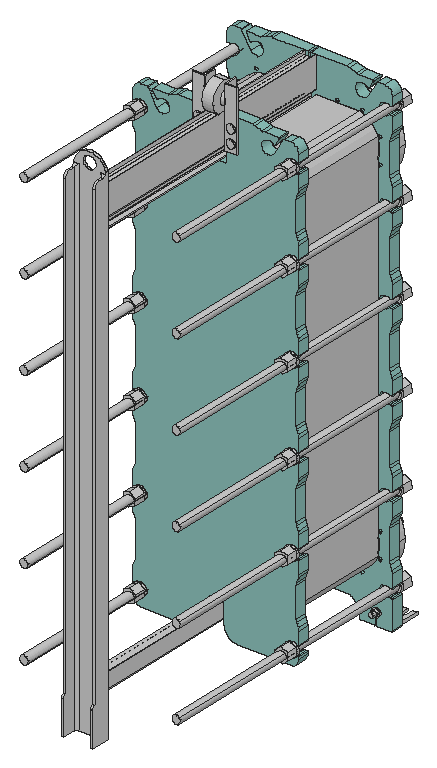
Revit family "Ekin_Endüstriyel - MIT562", category Specialty Equipment, Revit 2022 (continued)
Automatic sketch dimensions
  Extrusion 38 sketch curve to Extrusion 38 sketch curve = 81.00 mm  (x2)
  Extrusion 38 sketch curve to Extrusion 38 sketch curve = 106.30 mm  (x2)
  Extrusion 38 sketch curve to Extrusion 38 sketch curve = 171.00 mm  (x2)
  Extrusion 38 sketch curve to Extrusion 38 sketch curve = 317.00 mm  (x6)
  Extrusion 38 sketch curve to Extrusion 38 sketch curve = 172.00 mm  (x2)
  Extrusion 38 sketch curve to Extrusion 38 sketch curve = 139.60 mm
  Extrusion 38 sketch curve to Extrusion 38 sketch curve = 145.00 mm  (x2)
  Extrusion 38 sketch curve to Extrusion 38 sketch curve = 32.00 mm  (x2)
  Extrusion 38 sketch curve to Extrusion 38 sketch curve = 77.00 mm  (x2)
  Extrusion 38 sketch curve to Extrusion 38 sketch curve = 12.00 mm
  Extrusion 38 sketch curve to Extrusion 38 sketch curve = 52.956 mm  (x4)
  Extrusion 38 sketch curve to plane 4 = 1063.956 mm  (x2)
  Extrusion 38 sketch curve to plane 4 = 958.044 mm  (x2)
  Extrusion 38 sketch curve to Extrusion 38 sketch curve = 43.921 mm  (x4)
  Extrusion 39 sketch curve to Extrusion 39 sketch curve = 0.00 mm  (x32)
  Extrusion 39 sketch curve to plane 4 = 856.00 mm
  Extrusion 39 sketch curve to plane 4 = 881.00 mm  (x4)
  Extrusion 39 sketch curve to Extrusion 39 sketch curve = 25.00 mm  (x5)
  Extrusion 39 sketch curve to plane 4 = 966.00 mm
  Extrusion 39 sketch curve to plane 4 = 987.03 mm
  Extrusion 39 sketch curve to plane 4 = 1020.00 mm
  Extrusion 39 sketch curve to Extrusion 39 sketch curve = 80.00 mm  (x2)
  Extrusion 39 sketch curve to Extrusion 39 sketch curve = 19.00 mm  (x3)
  Extrusion 39 sketch curve to plane 4 = 1130.00 mm
  Extrusion 39 sketch curve to Extrusion 39 sketch curve = 30.00 mm
  Extrusion 39 sketch curve to Extrusion 39 sketch curve = 82.00 mm
  Extrusion 39 sketch curve to Extrusion 39 sketch curve = 32.97 mm
  Extrusion 39 sketch curve to Extrusion 39 sketch curve = 21.03 mm
  Extrusion 39 sketch curve to Extrusion 39 sketch curve = 85.00 mm
  Extrusion 39 sketch curve to plane 4 = 1439.00 mm
  level to Extrusion 39 sketch curve = 126.00 mm
  Extrusion 39 sketch curve to Extrusion 39 sketch curve = 249.00 mm
  level to Extrusion 39 sketch curve = 70.00 mm  (x2)
  Extrusion 39 sketch curve to Extrusion 39 sketch curve = 56.00 mm
  Extrusion 39 sketch curve to Extrusion 39 sketch curve = 103.50 mm
  Extrusion 39 sketch curve to Extrusion 39 sketch curve = 317.00 mm  (x8)
  Extrusion 39 sketch curve to Extrusion 39 sketch curve = 244.50 mm
  Extrusion 39 sketch curve to Extrusion 39 sketch curve = 72.10 mm  (x2)
  Extrusion 39 sketch curve to Extrusion 39 sketch curve = 0.40 mm  (x2)
  Extrusion 39 sketch curve to Extrusion 39 sketch curve = 32.00 mm  (x2)
  Extrusion 39 sketch curve to Extrusion 39 sketch curve = 50.00 mm  (x2)
  Extrusion 39 sketch curve to Extrusion 39 sketch curve = 77.00 mm
  Extrusion 39 sketch curve to Extrusion 39 sketch curve = 45.00 mm
  Extrusion 39 sketch curve to Extrusion 39 sketch curve = 39.40 mm
  Extrusion 39 sketch curve to Extrusion 39 sketch curve = 12.00 mm
  Extrusion 39 sketch curve to Extrusion 39 sketch curve = 21.00 mm  (x12)
  Extrusion 40 sketch curve to Extrusion 40 sketch curve = 0.00 mm  (x10)
  Extrusion 40 sketch curve to plane 4 = 910.00 mm
  Extrusion 40 sketch curve to plane 4 = 975.201 mm  (x2)
  Extrusion 40 sketch curve to plane 4 = 1011.00 mm  (x2)
  Extrusion 40 sketch curve to plane 4 = 1126.087 mm  (x2)
  Extrusion 40 sketch curve to Extrusion 40 sketch curve = 4.161 mm  (x4)
  Extrusion 40 sketch curve to Extrusion 40 sketch curve = 7.956 mm  (x2)
  Extrusion 40 sketch curve to Extrusion 40 sketch curve = 6.707 mm  (x8)
  Extrusion 40 sketch curve to Extrusion 40 sketch curve = 38.50 mm  (x2)
  Extrusion 40 sketch curve to Extrusion 40 sketch curve = 10.502 mm  (x2)
  Extrusion 40 sketch curve to Extrusion 40 sketch curve = 119.248 mm  (x2)
  Extrusion 40 sketch curve to Extrusion 40 sketch curve = 35.799 mm  (x2)
  Extrusion 40 sketch curve to Extrusion 40 sketch curve = 65.201 mm
  level to Extrusion 40 sketch curve = 168.20 mm
  Extrusion 40 sketch curve to Extrusion 40 sketch curve = 6.50 mm  (x4)
  Extrusion 40 sketch curve to Extrusion 40 sketch curve = 11.769 mm  (x4)
  Extrusion 40 sketch curve to Extrusion 40 sketch curve = 6.764 mm  (x3)
  Extrusion 40 sketch curve to Extrusion 40 sketch curve = 60.73 mm  (x2)
  Extrusion 40 sketch curve to Extrusion 40 sketch curve = 103.80 mm
  Extrusion 40 sketch curve to Extrusion 40 sketch curve = 43.07 mm  (x3)
  Extrusion 40 sketch curve to Extrusion 40 sketch curve = 1294.00 mm
  Extrusion 40 sketch curve to Extrusion 40 sketch curve = 72.06 mm
  Extrusion 40 sketch curve to Extrusion 40 sketch curve = 32.20 mm  (x2)
  Extrusion 40 sketch curve to Extrusion 40 sketch curve = 68.80 mm  (x2)
  Extrusion 41 sketch curve to Extrusion 41 sketch curve = 0.00 mm  (x36)
  Extrusion 41 sketch curve to plane 4 = 1309.00 mm  (x2)
  Extrusion 41 sketch curve to plane 4 = 1011.00 mm  (x2)
  level to Extrusion 41 sketch curve = 271.00 mm
  Extrusion 41 sketch curve to Extrusion 41 sketch curve = 1.00 mm  (x2)
  Extrusion 41 sketch curve to Extrusion 41 sketch curve = 1294.00 mm
  Extrusion 41 sketch curve to Extrusion 41 sketch curve = 68.80 mm  (x4)
  Extrusion 41 sketch curve to Extrusion 41 sketch curve = 73.70 mm  (x2)
  Extrusion 41 sketch curve to Extrusion 41 sketch curve = 13.00 mm  (x2)
  plane 5 to Extrusion 42 sketch curve = 1000.00 mm  (x4)
  plane 5 to Extrusion 42 sketch curve = 721.00 mm  (x4)
  Extrusion 42 sketch curve to Extrusion 42 sketch curve = 35.00 mm  (x2)
  Extrusion 42 sketch curve to Extrusion 42 sketch curve = 85.00 mm  (x2)
  Extrusion 42 sketch curve to Extrusion 42 sketch curve = 60.00 mm  (x4)
  plane 5 to Extrusion 42 sketch curve = 1279.00 mm  (x4)
  Extrusion 42 sketch curve to Extrusion 42 sketch curve = 25.00 mm  (x2)
  level to Extrusion 42 sketch curve = 45.00 mm  (x2)
  level to Extrusion 42 sketch curve = 105.70 mm
  Extrusion 42 sketch curve to Extrusion 42 sketch curve = 81.00 mm  (x2)
  Extrusion 42 sketch curve to Extrusion 42 sketch curve = 317.00 mm  (x8)
  Extrusion 42 sketch curve to Extrusion 42 sketch curve = 32.00 mm  (x2)
  plane 5 to Extrusion 44 sketch curve = 1250.00 mm
  Extrusion 44 sketch curve to Extrusion 44 sketch curve = 65.201 mm  (x4)
  plane 5 to Extrusion 44 sketch curve = 1033.913 mm  (x2)
  Extrusion 44 sketch curve to Extrusion 44 sketch curve = 4.161 mm  (x4)
  plane 5 to Extrusion 44 sketch curve = 1025.957 mm  (x2)
  Extrusion 44 sketch curve to Extrusion 44 sketch curve = 6.707 mm  (x8)
  plane 5 to Extrusion 44 sketch curve = 980.75 mm  (x2)
  Extrusion 44 sketch curve to Extrusion 44 sketch curve = 10.502 mm  (x2)
  level to Extrusion 44 sketch curve = 168.20 mm
  Extrusion 44 sketch curve to Extrusion 44 sketch curve = 0.00 mm  (x2)
  Extrusion 44 sketch curve to Extrusion 44 sketch curve = 6.50 mm  (x4)
  Extrusion 44 sketch curve to Extrusion 44 sketch curve = 11.769 mm  (x4)
  Extrusion 44 sketch curve to Extrusion 44 sketch curve = 6.764 mm  (x3)
  Extrusion 44 sketch curve to Extrusion 44 sketch curve = 60.73 mm  (x2)
  plane 5 to Extrusion 45 sketch curve = 851.00 mm  (x2)
  plane 5 to Extrusion 45 sketch curve = 1149.00 mm  (x2)
  level to Extrusion 45 sketch curve = 271.00 mm
  Extrusion 45 sketch curve to Extrusion 45 sketch curve = 0.00 mm  (x4)
  plane 5 to Extrusion 45 sketch curve = 1006.50 mm  (x2)
  Extrusion 42 sketch curve to Extrusion 42 sketch curve = 311.60 mm
  Extrusion 42 sketch curve to Extrusion 42 sketch curve = 5.40 mm  (x2)
  Extrusion 45 sketch curve to Extrusion 45 sketch curve = 142.50 mm  (x2)
  Extrusion 45 sketch curve to Extrusion 45 sketch curve = 1295.00 mm
  Extrusion 44 sketch curve to Extrusion 44 sketch curve = 150.886 mm
  Extrusion 44 sketch curve to Extrusion 44 sketch curve = 1380.14 mm
  Extrusion 44 sketch curve to Extrusion 44 sketch curve = 28.99 mm
  plane 5 to Extrusion 42 sketch curve = 1304.00 mm
  Extrusion 42 sketch curve to Extrusion 42 sketch curve = 89.00 mm
  Extrusion 42 sketch curve to level = 0.00 mm
  plane 5 to Extrusion 42 sketch curve = 696.00 mm
  plane 5 to Extrusion 43 sketch curve = 970.00 mm
  plane 5 to Extrusion 43 sketch curve = 1041.00 mm
  plane 5 to Extrusion 43 sketch curve = 1060.00 mm
  Extrusion 43 sketch curve to Extrusion 43 sketch curve = 19.00 mm  (x2)
  Extrusion 43 sketch curve to Extrusion 43 sketch curve = 134.00 mm  (x2)
  plane 5 to Extrusion 43 sketch curve = 1279.00 mm  (x4)
  Extrusion 43 sketch curve to Extrusion 43 sketch curve = 85.00 mm  (x2)
  level to Extrusion 43 sketch curve = 126.00 mm  (x2)
  Extrusion 43 sketch curve to Extrusion 43 sketch curve = 249.00 mm  (x2)
  Extrusion 43 sketch curve to Extrusion 43 sketch curve = 25.00 mm  (x4)
  plane 5 to Extrusion 43 sketch curve = 959.00 mm
  Extrusion 43 sketch curve to Extrusion 43 sketch curve = 0.00 mm  (x2)
  plane 5 to Extrusion 43 sketch curve = 721.00 mm  (x4)
  level to Extrusion 43 sketch curve = 70.00 mm
  Extrusion 43 sketch curve to Extrusion 43 sketch curve = 317.00 mm  (x8)
  Extrusion 43 sketch curve to Extrusion 43 sketch curve = 244.50 mm
  Extrusion 43 sketch curve to Extrusion 43 sketch curve = 72.10 mm  (x2)
  Extrusion 43 sketch curve to Extrusion 43 sketch curve = 0.40 mm  (x2)
  Extrusion 43 sketch curve to Extrusion 43 sketch curve = 32.00 mm  (x2)
  Extrusion 43 sketch curve to Extrusion 43 sketch curve = 50.00 mm  (x2)
  Extrusion 43 sketch curve to Extrusion 43 sketch curve = 39.40 mm  (x2)
  Extrusion 43 sketch curve to Extrusion 43 sketch curve = 21.00 mm  (x12)
  Extrusion 43 sketch curve to Extrusion 43 sketch curve = 4.00 mm
  Extrusion 43 sketch curve to Extrusion 43 sketch curve = 133.50 mm
  radius of Extrusion 1 to Extrusion 7 sketch curve = 4.50 mm  (x2)
  radius of Extrusion 2 to Extrusion 16 sketch curve = 4.00 mm  (x12)
  radius of Extrusion 24 sketch curve to Extrusion 2 = 2.50 mm  (x4)
  radius of Extrusion 26 sketch curve = 55.00 mm
  radius of Extrusion 26 sketch curve = 25.00 mm
  radius of Extrusion 27 sketch curve = 24.50 mm
  radius of Extrusion 2 to Extrusion 33 sketch curve = 4.50 mm  (x4)
  radius of Extrusion 2 to Extrusion 35 sketch curve = 4.50 mm  (x4)
  radius of Extrusion 37 sketch curve to Extrusion 2 = 2.50 mm  (x4)
  radius of Extrusion 38 sketch curve = 10.50 mm  (x6)
  radius of Extrusion 38 sketch curve = 21.00 mm  (x12)
  radius of Extrusion 38 sketch curve = 25.00 mm  (x2)
  radius of Extrusion 39 sketch curve = 10.50 mm  (x4)
  radius of Extrusion 42 sketch curve = 10.50 mm  (x6)
  radius of Extrusion 42 sketch curve = 21.00 mm  (x12)
  radius of Extrusion 42 sketch curve = 25.00 mm  (x2)
  radius of Extrusion 43 sketch curve = 10.50 mm  (x4)
Connectors
  piping at (149, 29, 1566), diameter 152.4
    settings: on cut or joined group of Extrusion 19, Extrusion 23, index 1, connector inside diameter 609.6 mm, connector length 0.00 mm, flow factor 0, pipe flow 0.0 L/s, pressure drop 0 bar, fitting loss kfactor 0, connector angle 0.00°, fixture units 0, engagement length 0.00 mm, angle of deflection 0.00°, flow configuration 0, flow direction 1, fitting loss method 0, system type 7, joint type 0, gender type 0, connector reference index -1, connector utility 0, adjustable connector no, is connector primary yes, connector description ""
  piping at (-149, 29, 1566), diameter 152.4
    settings: on cut or joined group of Extrusion 19, Extrusion 23, index 2, connector inside diameter 609.6 mm, connector length 0.00 mm, flow factor 0, pipe flow 0.0 L/s, pressure drop 0 bar, fitting loss kfactor 0, connector angle 0.00°, fixture units 0, engagement length 0.00 mm, angle of deflection 0.00°, flow configuration 0, flow direction 2, fitting loss method 0, system type 7, joint type 0, gender type 0, connector reference index -1, connector utility 0, adjustable connector no, is connector primary no, connector description ""
  piping at (-149, 29, 271), diameter 152.4
    settings: on cut or joined group of Extrusion 19, Extrusion 23, index 3, connector inside diameter 609.6 mm, connector length 0.00 mm, flow factor 0, pipe flow 0.0 L/s, pressure drop 0 bar, fitting loss kfactor 0, connector angle 0.00°, fixture units 0, engagement length 0.00 mm, angle of deflection 0.00°, flow configuration 0, flow direction 1, fitting loss method 0, system type 7, joint type 0, gender type 0, connector reference index -1, connector utility 0, adjustable connector no, is connector primary no, connector description ""
  piping at (149, 29, 271), diameter 152.4
    settings: on cut or joined group of Extrusion 19, Extrusion 23, index 4, connector inside diameter 609.6 mm, connector length 0.00 mm, flow factor 0, pipe flow 0.0 L/s, pressure drop 0 bar, fitting loss kfactor 0, connector angle 0.00°, fixture units 0, engagement length 0.00 mm, angle of deflection 0.00°, flow configuration 0, flow direction 2, fitting loss method 0, system type 7, joint type 0, gender type 0, connector reference index -1, connector utility 0, adjustable connector no, is connector primary no, connector description ""
